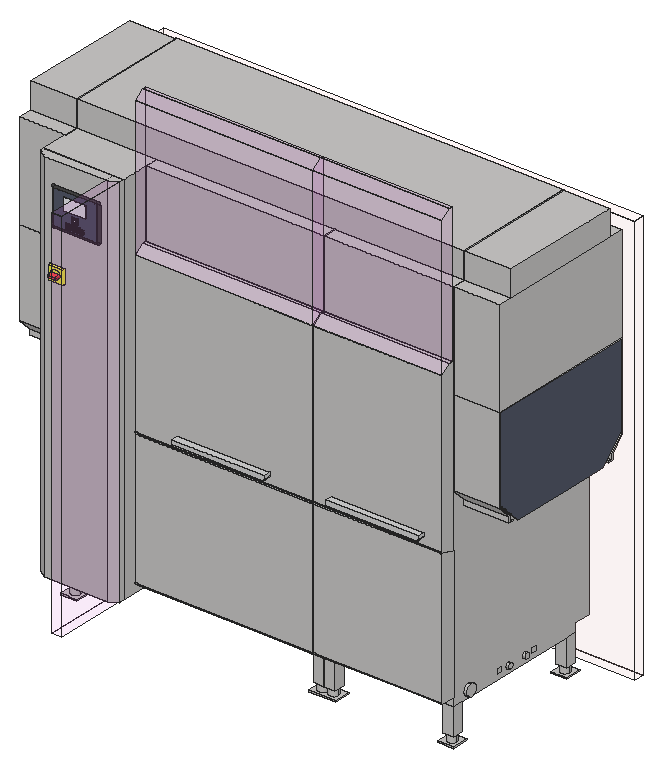
Revit family "QF_ELECTROLUX PROFESSIONAL_CC0FW2_CC0FW2", category Attrezzature speciali, Revit 2020
Family settings
  Quota connettore circolare = Usa diametro
  Tipo di parte = Normale
  Basato su piano di lavoro = No
  Sempre verticale = Sì
  Taglio con vuoti quando caricato = No
  Condiviso = No
  Punto di calcolo locali = No
Parameters
  Weight = 0.00 kg
  URL Manufacturer = "http://professional.electrolux.com/"
  URL = "http://professional.electrolux.com/"
  Show Logo [instance] = yes
  Show Clearance [instance] = yes
  Prospetto di default = 0 mm
  Produttore = "Zanussi"
  Modello = "ZPPWSLG"
  Length Actual = 2080 mm
  Item Number = "506057"
  Height Actual = 1785 mm
  Descrizione = "STEAM ELEC.POT&PAN WASH+D.PUMP+DET1550MM"
  Depth Actual = 920 mm
  Accessory = yes
Reference planes
  plane 1: z = 0
  plane 2 "LEFT": x = -776
  plane 3 "BACK": y = 450
  plane 4: z = 2095
  plane 5: z = 1785
  plane 6: through (0, 318, 353) normal (0, 0.7071, -0.7071)
  plane 7: through (0, 318, 373) normal (0, -0.7071, -0.7071)
  plane 8: y = 315
  plane 9: y = -215
  plane 10: z = 187
  plane 11: y = -736
  plane 12: x = -3527.768
  plane 13 "Center (Front/Back)": y = 50
  plane 14: through (-356, 405, 4000) normal (-0.7071, -0.7071, 0)
  plane 15: through (-376, 405, 4000) normal (-0.7071, 0.7071, 0)
  plane 16: x = 1261
  plane 17 "2": x = 1304
  plane 18: through (429, 405, 4000) normal (-0.7071, -0.7071, 0)
  plane 19: through (409, 405, 4000) normal (-0.7071, 0.7071, 0)
  plane 20: through (834, 405, 4000) normal (-0.7071, -0.7071, 0)
  plane 21: through (814, 405, 4000) normal (-0.7071, 0.7071, 0)
Forms (mm)
  Extrusion 1, solid, material "QF_Finishes_Clearance", visible <- "Show Clearance"
    sketch origin (0, 0, 0) x (1, 0, 0) y (0, 1, 0)
      loop
        line (-776, 450) -> (1304, 450) -> (1304, 500) -> (-776, 500) -> (-776, 450)
    from 0 to 1785
  Extrusion 2, solid, material "QF_Finishes_Stainless Steel"
    sketch origin (-581.385, -672.464, 1289.159) x (0, 0, -1) y (0, 1, 0)
      loop
        circle (1102.159, 772.464) r 10
    from -9.383 to 5.617
  Extrusion 3, solid, material "QF_Finishes_Stainless Steel"
    sketch origin (-575.768, -23.023, -230.596) x (0, 0, 1) y (0, 1, 0)
      loop
        line (407.596, 163.023) -> (427.596, 163.023) -> (427.596, 183.023) -> (407.596, 183.023) -> (407.596, 163.023)
    from 0 to 2
  Extrusion 4, solid, material "QF_Finishes_Stainless Steel"
    sketch origin (-783.596, 241.977, 1785) x (0, -1, 0) y (1, 0, 0)
      loop
        line (-163.023, 407.596) -> (-163.023, 427.596) -> (-183.023, 427.596) -> (-183.023, 407.596) -> (-163.023, 407.596)
    from 0 to 2
  Extrusion 5, solid, material "QF_Finishes_Door Clearance", visible <- "Show Clearance"
    sketch origin (-360, 0, 0) x (1, 0, 0) y (0, 1, 0)
      loop
        line (129, -402.09) -> (86, -402.09) -> (86, -736) -> (129, -736) -> (129, -402.09)
    from 150 to 1785
  Extrusion 6, solid, material "QF_Finishes_Door Clearance", visible <- "Show Clearance"
    sketch origin (94, 66.742, 602) x (0, 1, 0) y (0, 0, 1)
      loop
        line (-351.742, 1493) -> (-368.817, 1493) -> (-408.742, 1463.413) -> (-408.742, 861.413) -> (-368.817, 891) -> (-351.742, 891) -> (-351.742, 1493)
    from -320 to 450
  Extrusion 7, solid, material "QF_Finishes_Door Clearance", visible <- "Show Clearance"
    sketch origin (864, 66.742, 602) x (0, 1, 0) y (0, 0, 1)
      loop
        line (-351.742, 1493) -> (-368.817, 1493) -> (-408.742, 1463.413) -> (-408.742, 861.413) -> (-368.817, 891) -> (-351.742, 891) -> (-351.742, 1493)
    from -320 to 240
  Extrusion 8, solid, material "QF_Finishes_Stainless Steel"
    sketch origin (0, 0, 0) x (1, 0, 0) y (0, 1, 0)
      loop
        line (-576, 315) -> (-576, -222.998) -> (1104, -222.998) -> (1104, 315) -> (-576, 315)
    from 1785 to 1897
  Extrusion 9, solid, material "QF_Finishes_Stainless Steel"
    sketch origin (1.404, 241.977, 186) x (0, -1, 0) y (1, 0, 0)
      loop
        line (-163.023, 407.596) -> (-163.023, 427.596) -> (-183.023, 427.596) -> (-183.023, 407.596) -> (-163.023, 407.596)
    from 0 to 2
  Extrusion 10, solid, material "QF_Finishes_Stainless Steel"
    sketch origin (406.404, 241.977, 186) x (0, -1, 0) y (1, 0, 0)
      loop
        line (-163.023, 407.596) -> (-163.023, 427.596) -> (-183.023, 427.596) -> (-183.023, 407.596) -> (-163.023, 407.596)
    from 0 to 2
  Extrusion 11, solid, material "QF_Finishes_Stainless Steel"
    sketch origin (1106, 249.977, 940.404) x (0, 0, 1) y (0, 1, 0)
      loop
        line (407.596, 163.023) -> (427.596, 163.023) -> (427.596, 183.023) -> (407.596, 183.023) -> (407.596, 163.023)
    from 0 to 2
  Extrusion 12, solid, material "QF_Finishes_Stainless Steel"
    sketch origin (1106, 249.977, 905.404) x (0, 0, 1) y (0, 1, 0)
      loop
        line (407.596, 163.023) -> (427.596, 163.023) -> (427.596, 183.023) -> (407.596, 183.023) -> (407.596, 163.023)
    from 0 to 2
  Extrusion 13, solid, material "QF_Finishes_Stainless Steel"
    sketch origin (-578, 249.977, 940.404) x (0, 0, 1) y (0, -1, 0)
      loop
        line (407.596, -163.023) -> (407.596, -183.023) -> (427.596, -183.023) -> (427.596, -163.023) -> (407.596, -163.023)
    from 0 to 2
  Extrusion 14, solid, material "QF_Finishes_Stainless Steel"
    sketch origin (-578, 249.977, 905.404) x (0, 0, 1) y (0, -1, 0)
      loop
        line (407.596, -163.023) -> (407.596, -183.023) -> (427.596, -183.023) -> (427.596, -163.023) -> (407.596, -163.023)
    from 0 to 2
  Extrusion 15, solid, material "QF_Finishes_Stainless Steel"
    sketch origin (-575.768, -208.023, -230.596) x (0, 0, 1) y (0, 1, 0)
      loop
        line (407.596, 163.023) -> (427.596, 163.023) -> (427.596, 183.023) -> (407.596, 183.023) -> (407.596, 163.023)
    from 0 to 2
  Extrusion 16, solid, material "QF_Finishes_Stainless Steel"
    sketch origin (672.023, 452, -185.596) x (0, 0, 1) y (-1, 0, 0)
      loop
        line (407.596, 163.023) -> (427.596, 163.023) -> (427.596, 183.023) -> (407.596, 183.023) -> (407.596, 163.023)
    from 0 to 2
  Extrusion 17, solid, material "QF_Finishes_Stainless Steel"
    sketch origin (1106, -23.023, 604.596) x (0, 0, -1) y (0, -1, 0)
      loop
        line (407.596, -163.023) -> (407.596, -183.023) -> (427.596, -183.023) -> (427.596, -163.023) -> (407.596, -163.023)
    from 0 to 2
  Extrusion 18, solid, material "QF_Finishes_Stainless Steel"
    sketch origin (1106, -208.023, 604.596) x (0, 0, -1) y (0, -1, 0)
      loop
        line (407.596, -163.023) -> (407.596, -183.023) -> (427.596, -183.023) -> (427.596, -163.023) -> (407.596, -163.023)
    from 0 to 2
  Extrusion 19, solid, material "QF_Finishes_Stainless Steel"
    sketch origin (-581.385, -762.464, 1289.159) x (0, 0, -1) y (0, 1, 0)
      loop
        circle (1102.159, 772.464) r 10
    from -9.383 to 5.617
  Extrusion 20, solid, material "QF_Finishes_Stainless Steel"
    sketch origin (1109.617, -672.464, 1289.159) x (0, 0, -1) y (0, -1, 0)
      loop
        circle (1102.159, -772.464) r 10
    from -9.383 to 5.617
  Extrusion 21, solid, material "QF_Finishes_Stainless Steel"
    sketch origin (1109.617, -762.464, 1289.159) x (0, 0, -1) y (0, -1, 0)
      loop
        circle (1102.159, -772.464) r 10
    from -9.383 to 5.617
  Extrusion 22, solid, material "QF_Finishes_Stainless Steel"
    sketch origin (1109.617, 569.464, -915.159) x (0, 0, 1) y (0, 1, 0)
      loop
        circle (1102.159, -772.464) r 25
    from -9.383 to 5.617
Dimensions and locks
  plane 4 to level = 2095 mm
  plane 4 to Extrusion 1 = 2095 mm
  plane 3 "BACK" to plane 11 = 1186 mm
  plane 17 "2" to plane 2 "LEFT" = 2080 mm
  plane 2 "LEFT" to plane 17 "2" = 2080 mm
  nested 7 to nested 1 = 1679.767 mm
  nested 8 to nested 8 = 200 mm
  nested 7 to nested 9 = 200 mm
  Extrusion 8 to nested 1 = 1747 mm
  Extrusion 8 to Extrusion 8 = 112 mm
  aligned and locked: level to plane 1
Nested families
  nested 1: "MODULO_CENTRALE - 345" at (-634.438, 799.242, 0), type "MODULO_CENTRALE - 345"
    with Show Right yes, Show Logo yes, Show Left no, Show Clearance yes
  nested 2: "Schermo_Touch" at (-401.211, -444.999, 1606.921) x (1, 0, 0) z (0, -1, 0), type "Schermo_Touch"
  nested 3: "ELX_LOGO_MONO_SMALL_WHITE" at (-411.419, -449.999, 1533.987) x (-1, 0, 0) z (0, -1, 0), visible <- "Show Logo", Show Logo <- "Show Logo", type "ELX_LOGO_MONO_SMALL_WHITE"
    with Show Logo yes
  nested 4: "ELX_LOGO_WORDS_WHITE" at (-401.499, -449.999, 1553.42) x (1, 0, 0) z (0, -1, 0), visible <- "Show Logo", Show Logo <- "Show Logo", type "ELX_LOGO_WORDS_WHITE"
    with Show Logo yes
  nested 5: "ON_OFF_GIALLO" at (-484, -444.999, 1348) x (1, 0, 0) z (0, -1, 0), type "ON_OFF_GIALLO"
  nested 6: "MODULO_GRANDE - 775" at (154.562, 61.742, 0), type "MODULO_GRANDE - 775"
    with Show Logo yes, Show Clearance yes
  nested 7: "MODULO_GRANDE - 560" at (929.562, 61.742, 0), type "MODULO_GRANDE - 560"
    with Show Logo yes, Show Clearance yes
  nested 8: "HOODV" at (-959.563, 34.26, 0) x (-1, 0, 0) z (0, 0, 1), type "HOODV"
  nested 9: "HOODV" at (1487.563, 34.26, 0), type "HOODV"
  nested 10: "Piedino_Square_150H - MARINE" at (1080.5, -258.5, 0), type "Piedino_Square_150H - MARINE"
  nested 11: "Piedino_Square_150H - MARINE" at (1080.5, 354.5, 0), type "Piedino_Square_150H - MARINE"
  nested 12: "Piedino_Square_150H - MARINE" at (-552.268, -258.5, 0), type "Piedino_Square_150H - MARINE"
  nested 13: "Piedino_Square_150H - MARINE" at (-552.268, 354.5, 0), type "Piedino_Square_150H - MARINE"
  nested 14: "Piedino_Square_150H - MARINE - DOPPIO" at (567.5, -258.5, 0), type "Piedino_Square_150H - MARINE - DOPPIO"
  nested 15: "Piedino_Square_150H - MARINE - DOPPIO" at (567.5, 354.5, 0), type "Piedino_Square_150H - MARINE - DOPPIO"
Connectors
  piping at (-590.768, 100, 187), diameter 12.9
    settings: on Extrusion 2, index 187, connector inside diameter 609.6 mm, connector length 0 mm, flow factor 0, pipe flow 0.0 L/s, pressure drop 0.0 Pa, fitting loss kfactor 0, connector angle 0.00°, fixture units 0, engagement length 0 mm, angle of deflection 0.00°, flow configuration 0, flow direction 0, fitting loss method 0, system type 29, joint type 0, gender type 0, connector reference index -1, connector utility 0, adjustable connector no, is connector primary yes, connector description "HWI"
  electrical at (-575.768, 150, 187)
    settings: on Extrusion 3, index 188, voltage 0 V, apparent load 0 VA, apparent load phase1 0 VA, apparent load phase2 0 VA, apparent load phase3 0 VA, power factor 1, load classification "Altro", number of poles 1, system type 30, power factor state 1, is connector primary yes, connector utility no, sub classification motor no, connector description "ES"
  electrical at (-366, 415, 1785)
    settings: on Extrusion 4, index 189, voltage 0 V, apparent load 0 VA, apparent load phase1 0 VA, apparent load phase2 0 VA, apparent load phase3 0 VA, power factor 1, load classification "Altro", number of poles 1, system type 30, power factor state 1, is connector primary no, connector utility no, sub classification motor no, connector description "EI"
  electrical at (419, 415, 186)
    settings: on Extrusion 9, index 198, voltage 0 V, apparent load 0 VA, apparent load phase1 0 VA, apparent load phase2 0 VA, apparent load phase3 0 VA, power factor 1, load classification "Altro", number of poles 1, system type 30, power factor state 1, is connector primary no, connector utility no, sub classification motor no, connector description "EI"
  electrical at (824, 415, 186)
    settings: on Extrusion 10, index 199, voltage 0 V, apparent load 0 VA, apparent load phase1 0 VA, apparent load phase2 0 VA, apparent load phase3 0 VA, power factor 1, load classification "Altro", number of poles 1, system type 30, power factor state 1, is connector primary no, connector utility no, sub classification motor no, connector description "EI"
  electrical at (1106, 423, 1358)
    settings: on Extrusion 11, index 200, voltage 0 V, apparent load 0 VA, apparent load phase1 0 VA, apparent load phase2 0 VA, apparent load phase3 0 VA, power factor 1, load classification "Altro", number of poles 1, system type 30, power factor state 1, is connector primary no, connector utility no, sub classification motor no, connector description "EO"
  electrical at (1106, 423, 1323)
    settings: on Extrusion 12, index 201, voltage 0 V, apparent load 0 VA, apparent load phase1 0 VA, apparent load phase2 0 VA, apparent load phase3 0 VA, power factor 1, load classification "Altro", number of poles 1, system type 30, power factor state 1, is connector primary no, connector utility no, sub classification motor no, connector description "ES"
  electrical at (-578, 423, 1358)
    settings: on Extrusion 13, index 202, voltage 0 V, apparent load 0 VA, apparent load phase1 0 VA, apparent load phase2 0 VA, apparent load phase3 0 VA, power factor 1, load classification "Altro", number of poles 1, system type 30, power factor state 1, is connector primary no, connector utility no, sub classification motor no, connector description "EO"
  electrical at (-578, 423, 1323)
    settings: on Extrusion 14, index 203, voltage 0 V, apparent load 0 VA, apparent load phase1 0 VA, apparent load phase2 0 VA, apparent load phase3 0 VA, power factor 1, load classification "Altro", number of poles 1, system type 30, power factor state 1, is connector primary no, connector utility no, sub classification motor no, connector description "ES"
  electrical at (-575.768, -35, 187)
    settings: on Extrusion 15, index 204, voltage 0 V, apparent load 0 VA, apparent load phase1 0 VA, apparent load phase2 0 VA, apparent load phase3 0 VA, power factor 1, load classification "Altro", number of poles 1, system type 30, power factor state 1, is connector primary no, connector utility no, sub classification motor no, connector description "EO"
  electrical at (499, 452, 232)
    settings: on Extrusion 16, index 206, voltage 0 V, apparent load 0 VA, apparent load phase1 0 VA, apparent load phase2 0 VA, apparent load phase3 0 VA, power factor 1, load classification "Altro", number of poles 1, system type 30, power factor state 1, is connector primary no, connector utility no, sub classification motor no, connector description "EQ"
  electrical at (1106, 150, 187)
    settings: on Extrusion 17, index 209, voltage 0 V, apparent load 0 VA, apparent load phase1 0 VA, apparent load phase2 0 VA, apparent load phase3 0 VA, power factor 1, load classification "Altro", number of poles 1, system type 30, power factor state 1, is connector primary no, connector utility no, sub classification motor no, connector description "ES"
  electrical at (1106, -35, 187)
    settings: on Extrusion 18, index 210, voltage 0 V, apparent load 0 VA, apparent load phase1 0 VA, apparent load phase2 0 VA, apparent load phase3 0 VA, power factor 1, load classification "Altro", number of poles 1, system type 30, power factor state 1, is connector primary no, connector utility no, sub classification motor no, connector description "EO"
  piping at (-590.768, 10, 187), diameter 12.9
    settings: on Extrusion 19, index 211, connector inside diameter 609.6 mm, connector length 0 mm, flow factor 0, pipe flow 0.0 L/s, pressure drop 0.0 Pa, fitting loss kfactor 0, connector angle 0.00°, fixture units 0, engagement length 0 mm, angle of deflection 0.00°, flow configuration 0, flow direction 0, fitting loss method 0, system type 29, joint type 0, gender type 0, connector reference index -1, connector utility 0, adjustable connector no, is connector primary no, connector description "CWI"
  piping at (1119, 100, 187), diameter 12.9
    settings: on Extrusion 20, index 214, connector inside diameter 609.6 mm, connector length 0 mm, flow factor 0, pipe flow 0.0 L/s, pressure drop 0.0 Pa, fitting loss kfactor 0, connector angle 0.00°, fixture units 0, engagement length 0 mm, angle of deflection 0.00°, flow configuration 0, flow direction 0, fitting loss method 0, system type 29, joint type 0, gender type 0, connector reference index -1, connector utility 0, adjustable connector no, is connector primary no, connector description "WOC"
  piping at (1119, 10, 187), diameter 12.9
    settings: on Extrusion 21, index 215, connector inside diameter 609.6 mm, connector length 0 mm, flow factor 0, pipe flow 0.0 L/s, pressure drop 0.0 Pa, fitting loss kfactor 0, connector angle 0.00°, fixture units 0, engagement length 0 mm, angle of deflection 0.00°, flow configuration 0, flow direction 0, fitting loss method 0, system type 29, joint type 0, gender type 0, connector reference index -1, connector utility 0, adjustable connector no, is connector primary no, connector description "WIC"
  piping at (1119, -203, 187), diameter 50
    settings: on Extrusion 22, index 220, connector inside diameter 609.6 mm, connector length 0 mm, flow factor 0, pipe flow 0.0 L/s, pressure drop 0.0 Pa, fitting loss kfactor 0, connector angle 0.00°, fixture units 0, engagement length 0 mm, angle of deflection 0.00°, flow configuration 0, flow direction 0, fitting loss method 0, system type 29, joint type 0, gender type 0, connector reference index -1, connector utility 0, adjustable connector no, is connector primary no, connector description "D"
Definition of nested family "MODULO_CENTRALE - 345"
  Parameters (values of type "MODULO_CENTRALE - 345")
    Show Right [instance] = not(Show Left)  # yes
    Show Logo [instance] = yes
    Show Left [instance] = no
    Show Clearance [instance] = yes
    Default Elevation = 0 mm
  Reference planes
    plane 1: z = 0
    plane 2 "LEFT": x = 58.67
    plane 3 "BACK": y = -349.242
    plane 4: z = 150
    plane 5: x = 403.437
    plane 6: y = -1244.241
  Forms (mm)
    Extrusion 1, solid
      sketch origin (-163.616, -620, 0) x (1, 0, 0) y (0, 1, 0)
        loop
          line (222.287, 270.758) -> (222.287, -581.332) -> (567.054, -581.332) -> (567.054, 270.758) -> (222.287, 270.758)
      from 150 to 1785
    Extrusion 2, solid
      sketch origin (0, -740.199, 0) x (1, 0, 0) y (0, 1, 0)
        loop
          line (95.323, -504.042) -> (371.13, -504.042) -> (371.973, -503.729) -> (402.789, -480.925) -> (403.437, -479.639) -> (403.437, -461.133) -> (58.67, -461.133) -> (58.67, -479.639) -> (59.318, -480.925) -> (95.323, -504.042)
      from 150 to 1785
  Dimensions and locks
    plane 4 to level = 150 mm
    Extrusion 2 to plane 3 "BACK" = 895 mm
    Extrusion 1 to Extrusion 1 = 1635 mm
    plane 5 to plane 2 "LEFT" = 344.767 mm
    aligned and locked: level to plane 1
  Nested families
    nested 1: "ON_OFF_GIALLO" at (139.188, -1244.241, 1304.8) x (1, 0, 0) z (0, -1, 0), visible <- "Show Left", type "ON_OFF_GIALLO"
  Definition of nested family "ON_OFF_GIALLO"
    Parameters
      Default Elevation = 1219.2 mm
    Reference planes
      plane 1 "Centro (Fronte/Retro)": y = 0
      plane 2: z = 0
      plane 3 "Centro (Sinistra/Destra)": x = 0
    Forms (mm)
      Extrusion 1, solid
        sketch origin (0, 0, 0) x (1, 0, 0) y (0, 1, 0)
          loop
            line (-1219.2, 1219.2) -> (-1219.2, -1219.2) -> (1219.2, -1219.2) -> (1219.2, 1219.2) -> (-1219.2, 1219.2)
        from 0 to -304.8
      Blend 2, solid
        base sketch origin (209.903, -1304.8, -0.8) x (-1, 0, 0) y (0, -1, 0)
          loop
            arc (241.024, -1337.8) -> (242.365, -1337.262) -> (242.903, -1335.921) r 1.838
            line (242.903, -1335.921) -> (242.903, -1273.679)
            arc (242.903, -1273.679) -> (242.365, -1272.338) -> (241.024, -1271.8) r 1.838
            line (241.024, -1271.8) -> (178.782, -1271.8)
            arc (178.782, -1271.8) -> (177.441, -1272.338) -> (176.903, -1273.679) r 1.838
            line (176.903, -1273.679) -> (176.903, -1335.921)
            arc (176.903, -1335.921) -> (177.441, -1337.262) -> (178.782, -1337.8) r 1.838
            line (178.782, -1337.8) -> (241.024, -1337.8)
        top sketch origin (209.903, -1304.8, -0.8) x (-1, 0, 0) y (0, -1, 0)
          loop
            line (238.946, -1275.8) -> (180.86, -1275.8) -> (180.86, -1333.8) -> (238.946, -1333.8) -> (238.946, -1275.8)
        from 0.8 to 10.3
      Blend 3, solid
        base sketch origin (209.903, -1304.8, 10.2) x (-1, 0, 0) y (0, -1, 0)
          loop
            arc (224.427, -1310.95) -> (230.577, -1304.8) -> (224.427, -1298.65) r 6.15
            line (224.427, -1298.65) -> (195.379, -1298.65)
            arc (195.379, -1298.65) -> (189.229, -1304.8) -> (195.379, -1310.95) r 6.15
            line (195.379, -1310.95) -> (224.427, -1310.95)
        top sketch origin (209.903, -1304.8, 10.2) x (-1, 0, 0) y (0, -1, 0)
          loop
            arc (195.379, -1300.65) -> (191.229, -1304.8) -> (195.379, -1308.95) r 4.15
            line (195.379, -1308.95) -> (224.427, -1308.95)
            arc (224.427, -1308.95) -> (228.577, -1304.8) -> (224.427, -1300.65) r 4.15
            line (224.427, -1300.65) -> (195.379, -1300.65)
        from -2 to 23
      Extrusion 4, void
        sketch origin (-143.534, -1304.8, -504.042) x (1, 0, 0) y (0, 0, -1)
          loop
            line (117.69, -537.242) -> (135.678, -537.242) -> (132.541, -536.135) -> (117.69, -524.167) -> (117.69, -537.242)
        from 1298.65 to 1310.95
      Extrusion 5, void
        sketch origin (209.903, -1304.8, 9.5) x (0, -1, 0) y (-1, 0, 0)
          loop
            circle (-1304.8, 209.903) r 21
        from 0 to 2
    Cuts and joins
      Extrusion 4 cuts Blend 3
      Extrusion 5 cuts Blend 2
    Dimensions and locks
      aligned and locked: plane 2 to Extrusion 1
      aligned and locked: level to Extrusion 1
Definition of nested family "Schermo_Touch"
  Parameters
    Default Elevation = 1219.2 mm
  Reference planes
    plane 1 "Centro (Fronte/Retro)": y = 0
    plane 2: z = 0
    plane 3 "Centro (Sinistra/Destra)": x = 0
  Forms (mm)
    Extrusion 1, solid
      sketch origin (0, 0, 0) x (1, 0, 0) y (0, 1, 0)
        loop
          line (-1219.2, 1219.2) -> (-1219.2, -1219.2) -> (1219.2, -1219.2) -> (1219.2, 1219.2) -> (-1219.2, 1219.2)
      from 0 to -304.8
    Blend 2, solid
      base sketch origin (83.616, -1536.893, -0.8) x (-1, 0, 0) y (0, -1, 0)
        loop
          arc (188.986, -1463.393) -> (185.448, -1454.853) -> (176.907, -1451.315) r 12.079
          line (176.907, -1451.315) -> (-9.093, -1451.315)
          arc (-9.093, -1451.315) -> (-17.633, -1454.853) -> (-21.171, -1463.393) r 12.079
          line (-21.171, -1463.393) -> (-21.171, -1610.393)
          arc (-21.171, -1610.393) -> (-17.633, -1618.934) -> (-9.093, -1622.472) r 12.079
          line (-9.093, -1622.472) -> (176.907, -1622.472)
          arc (176.907, -1622.472) -> (185.448, -1618.934) -> (188.986, -1610.393) r 12.079
          line (188.986, -1610.393) -> (188.986, -1463.393)
      top sketch origin (83.616, -1536.893, -0.8) x (-1, 0, 0) y (0, -1, 0)
        loop
          arc (178.486, -1463.393) -> (178.024, -1462.277) -> (176.907, -1461.815) r 1.579
          line (176.907, -1461.815) -> (-9.093, -1461.815)
          arc (-9.093, -1461.815) -> (-10.209, -1462.277) -> (-10.671, -1463.393) r 1.579
          line (-10.671, -1463.393) -> (-10.671, -1610.393)
          arc (-10.671, -1610.393) -> (-10.209, -1611.51) -> (-9.093, -1611.972) r 1.579
          line (-9.093, -1611.972) -> (176.907, -1611.972)
          arc (176.907, -1611.972) -> (178.024, -1611.51) -> (178.486, -1610.393) r 1.579
          line (178.486, -1610.393) -> (178.486, -1463.393)
      from 0.8 to 5.36
    Extrusion 3, solid
      sketch origin (0, 0, 0) x (1, 0, 0) y (0, 1, 0)
        loop
          line (-47.806, 54.623) -> (-47.806, 2.273) -> (47.108, 2.273) -> (47.108, 54.623) -> (-47.806, 54.623)
      from 5 to 5.552
    Extrusion 4, solid
      sketch origin (0, 0, 0) x (1, 0, 0) y (0, 1, 0)
        loop
          arc (-94.87, -73.579) -> (-94.43, -74.639) -> (-93.37, -75.079) r 1.5
          line (-93.37, -75.079) -> (92.793, -75.079)
          arc (92.793, -75.079) -> (93.853, -74.639) -> (94.293, -73.579) r 1.5
          line (94.293, -73.579) -> (94.293, 73.579)
          arc (94.293, 73.579) -> (93.853, 74.639) -> (92.793, 75.079) r 1.5
          line (92.793, 75.079) -> (-93.37, 75.079)
          arc (-93.37, 75.079) -> (-94.43, 74.639) -> (-94.87, 73.579) r 1.5
          line (-94.87, 73.579) -> (-94.87, -73.579)
      from 4.56 to 5
  Dimensions and locks
    aligned and locked: plane 2 to Extrusion 1
    aligned and locked: level to Extrusion 1
Definition of nested family "ELX_LOGO_MONO_SMALL_WHITE"
  Parameters (values of type "ELX_LOGO_MONO_SMALL_WHITE")
    Show Logo [instance] = yes
    Default Elevation = 1219.2 mm
  Reference planes
    plane 1 "Center (Front/Back)": y = -49
    plane 2: z = 0
    plane 3 "Center (Left/Right)": x = -9.92
  Forms (mm)
    Extrusion 1, solid
      sketch origin (0, 0, 0) x (1, 0, 0) y (0, 1, 0)
        loop
          line (-1219.2, 1219.2) -> (-1219.2, -1219.2) -> (1219.2, -1219.2) -> (1219.2, 1219.2) -> (-1219.2, 1219.2)
      from 0 to -304.8
    Extrusion 2, solid, visible <- "Show Logo"
      sketch origin (84.462, 509.781, 0) x (1, 0, 0) y (0, 1, 0)
        loop
          line (-97.736, -569.727) -> (-97.736, -547.891)
          arc (-97.736, -547.891) -> (-105.808, -558.809) -> (-97.736, -569.727) r 11.42
        loop
          arc (-96.625, -569.727) -> (-87.544, -567.663) -> (-83.169, -559.442) r 11.191
          line (-83.169, -559.442) -> (-86.782, -559.442)
          arc (-86.782, -559.442) -> (-93.235, -562.062) -> (-96.625, -568.146) r 10.49
          line (-96.625, -568.146) -> (-96.625, -569.727)
        loop
          arc (-96.625, -549.472) -> (-93.235, -555.557) -> (-86.782, -558.176) r 10.49
          line (-86.782, -558.176) -> (-83.169, -558.176)
          arc (-83.169, -558.176) -> (-87.537, -549.888) -> (-96.625, -547.611) r 11.484
          line (-96.625, -547.611) -> (-96.625, -549.472)
        loop
          line (-82.34, -570.919) -> (-82.34, -546.65) -> (-106.642, -546.65) -> (-106.642, -570.919) -> (-82.34, -570.919)
      from 0 to 1.644
  Dimensions and locks
    aligned and locked: plane 2 to Extrusion 1
    aligned and locked: level to Extrusion 1
Definition of nested family "ELX_LOGO_WORDS_WHITE"
  Parameters (values of type "ELX_LOGO_WORDS_WHITE")
    Show Logo [instance] = yes
    Default Elevation = 0 mm
  Reference planes
    plane 1 "Centro (Fronte/Retro)": y = 0
    plane 2: z = 0
    plane 3 "Centro (Sinistra/Destra)": x = 0
  Forms (mm)
    Extrusion 1, solid
      sketch origin (0, 0, 0) x (1, 0, 0) y (0, 1, 0)
        loop
          line (-1219.2, 1219.2) -> (-1219.2, -1219.2) -> (1219.2, -1219.2) -> (1219.2, 1219.2) -> (-1219.2, 1219.2)
      from 0 to -304.8
    Extrusion 2, solid, visible <- "Show Logo"
      sketch origin (0, 0, 0) x (1, 0, 0) y (0, 1, 0)
        loop
          line (-30.234, 10.561) -> (-37.67, 10.561) -> (-37.67, 1.902)
          arc (-37.67, 1.902) -> (-36.691, -0.461) -> (-34.329, -1.439) r 3.341
          line (-34.329, -1.439) -> (-30.09, -1.439) -> (-30.09, 0.503) -> (-33.845, 0.503)
          arc (-33.845, 0.503) -> (-35.079, 0.92) -> (-35.604, 2.112) r 1.615
          line (-35.604, 2.112) -> (-35.604, 3.829) -> (-30.555, 3.829) -> (-30.555, 5.779) -> (-35.604, 5.779) -> (-35.604, 8.617) -> (-30.234, 8.617) -> (-30.234, 10.561)
        loop
          line (-28.622, 10.561) -> (-28.622, -1.439) -> (-26.555, -1.439) -> (-26.555, 10.561) -> (-28.622, 10.561)
        loop
          line (16.27, 10.561) -> (16.27, -1.439) -> (18.338, -1.439) -> (18.338, 10.561) -> (16.27, 10.561)
        loop
          line (-23.137, 2.393) -> (-16.354, 2.393)
          arc (-16.354, 2.393) -> (-17.415, 6.119) -> (-21.043, 7.478) r 4.298
          arc (-21.043, 7.478) -> (-24.239, 5.857) -> (-25.151, 2.393) r 4.373
          arc (-25.151, 2.393) -> (-23.951, -0.505) -> (-21.053, -1.705) r 4.097
          arc (-21.053, -1.705) -> (-18.799, -1.372) -> (-16.908, -0.099) r 5.15
          line (-16.908, -0.099) -> (-18.133, 1.125)
          arc (-18.133, 1.125) -> (-19.74, 0.161) -> (-21.607, 0.323) r 3.039
          arc (-21.607, 0.323) -> (-22.746, 1.081) -> (-23.137, 2.393) r 2.013
        loop
          line (-23.085, 3.846) -> (-18.431, 3.846)
          arc (-18.431, 3.846) -> (-19.084, 5.22) -> (-20.519, 5.727) r 1.983
          arc (-20.519, 5.727) -> (-22.175, 5.295) -> (-23.085, 3.846) r 2.321
        loop
          line (-8.297, 4.711) -> (-6.999, 6.009)
          arc (-6.999, 6.009) -> (-8.627, 7.187) -> (-10.604, 7.539) r 4.497
          arc (-10.604, 7.539) -> (-13.621, 6.437) -> (-15.204, 3.642) r 4.652
          arc (-15.204, 3.642) -> (-12.536, -1.257) -> (-7.072, -0.127) r 4.684
          line (-7.072, -0.127) -> (-8.363, 1.163)
          arc (-8.363, 1.163) -> (-11.149, 0.242) -> (-13.145, 2.393) r 2.714
          arc (-13.145, 2.393) -> (-13.006, 4.094) -> (-11.835, 5.335) r 2.578
          arc (-11.835, 5.335) -> (-9.96, 5.621) -> (-8.297, 4.711) r 2.961
        loop
          line (-5.73, 10.561) -> (-5.73, 2.36)
          arc (-5.73, 2.36) -> (-5.551, 1.13) -> (-5.09, -0.025) r 5.301
          arc (-5.09, -0.025) -> (-3.615, -1.198) -> (-1.746, -1.445) r 3.531
          line (-1.746, -1.445) -> (-1.746, 0.492)
          arc (-1.746, 0.492) -> (-2.302, 0.534) -> (-2.82, 0.74) r 1.862
          arc (-2.82, 0.74) -> (-3.484, 1.442) -> (-3.662, 2.393) r 1.713
          line (-3.662, 2.393) -> (-3.662, 5.362) -> (-1.785, 5.362) -> (-1.785, 7.24) -> (-3.662, 7.24) -> (-3.662, 10.561) -> (-5.73, 10.561)
        loop
          arc (2.004, 3.123) -> (2.152, 3.988) -> (2.578, 4.755) r 2.607
          arc (2.578, 4.755) -> (3.817, 5.391) -> (5.208, 5.362) r 2.84
          line (5.208, 5.362) -> (5.208, 7.349)
          arc (5.208, 7.349) -> (3.39, 7.177) -> (2.004, 5.989) r 3.016
          line (2.004, 5.989) -> (2.004, 7.24) -> (-0.046, 7.24) -> (-0.046, -1.439) -> (2.004, -1.439) -> (2.004, 3.123)
        loop
          circle (10.262, 2.899) r 4.599
        loop
          circle (10.262, 2.899) r 2.787
        loop
          arc (25.793, 2.175) -> (25.283, 0.772) -> (23.898, 0.213) r 1.835
          arc (23.898, 0.213) -> (22.514, 0.772) -> (22.004, 2.175) r 1.835
          line (22.004, 2.175) -> (22.004, 7.24) -> (19.919, 7.24) -> (19.919, 2.003)
          arc (19.919, 2.003) -> (21.105, -0.701) -> (23.898, -1.659) r 3.675
          arc (23.898, -1.659) -> (26.723, -0.672) -> (27.877, 2.088) r 3.675
          line (27.877, 2.088) -> (27.877, 7.24) -> (25.793, 7.24) -> (25.793, 2.175)
        loop
          line (29.126, 7.24) -> (32.128, 3.164) -> (28.83, -1.442) -> (31.052, -1.442) -> (33.241, 1.615) -> (35.462, -1.442) -> (37.67, -1.442) -> (34.419, 3.211) -> (37.392, 7.24) -> (35.135, 7.24) -> (33.234, 4.663) -> (31.362, 7.24) -> (29.126, 7.24)
        loop
          line (-35.875, -6.414) -> (-37.523, -6.414) -> (-37.523, -10.564) -> (-36.621, -10.564) -> (-36.621, -9.135) -> (-35.625, -9.135)
          arc (-35.625, -9.135) -> (-34.509, -7.66) -> (-35.875, -6.414) r 1.372
        loop
          arc (-35.664, -8.32) -> (-35.322, -7.786) -> (-35.664, -7.253) r 0.587
          line (-35.664, -7.253) -> (-36.621, -7.253) -> (-36.621, -8.32) -> (-35.664, -8.32)
        loop
          line (-29.363, -6.414) -> (-31.04, -6.414) -> (-31.04, -10.564) -> (-30.138, -10.564) -> (-30.138, -9.135) -> (-29.265, -9.135) -> (-28.669, -10.564) -> (-27.7, -10.564) -> (-28.516, -8.814)
          arc (-28.516, -8.814) -> (-28.125, -8.347) -> (-27.994, -7.752) r 1.281
          arc (-27.994, -7.752) -> (-28.406, -6.804) -> (-29.363, -6.414) r 1.37
        loop
          line (-30.138, -7.253) -> (-30.138, -8.32) -> (-29.18, -8.32)
          arc (-29.18, -8.32) -> (-28.839, -7.786) -> (-29.18, -7.253) r 0.587
          line (-29.18, -7.253) -> (-30.138, -7.253)
        loop
          circle (-22.402, -8.489) r 2.156
        loop
          circle (-22.402, -8.489) r 1.368
        loop
          line (-16.703, -6.414) -> (-16.703, -10.564) -> (-15.823, -10.564) -> (-15.823, -9.114) -> (-14.261, -9.114) -> (-14.261, -8.184) -> (-15.823, -8.184) -> (-15.823, -7.308) -> (-14.111, -7.308) -> (-14.111, -6.414) -> (-16.703, -6.414)
        loop
          line (-10.611, -6.414) -> (-10.611, -9.216)
          arc (-10.611, -9.216) -> (-10.229, -10.166) -> (-9.284, -10.561) r 1.327
          line (-9.284, -10.561) -> (-7.945, -10.561) -> (-7.945, -9.777) -> (-9.204, -9.777)
          arc (-9.204, -9.777) -> (-9.668, -9.394) -> (-9.759, -8.799) r 0.845
          line (-9.759, -8.799) -> (-8.1, -8.799) -> (-8.1, -8.015) -> (-9.759, -8.015) -> (-9.759, -7.198) -> (-7.985, -7.198) -> (-7.985, -6.414) -> (-10.611, -6.414)
        loop
          arc (4.417, -6.94) -> (3.867, -6.489) -> (3.171, -6.345) r 1.485
          arc (3.171, -6.345) -> (2.528, -6.503) -> (2, -6.902) r 1.645
          arc (2, -6.902) -> (1.902, -7.844) -> (2.51, -8.571) r 1.217
          arc (2.51, -8.571) -> (3.021, -8.741) -> (3.506, -8.976) r 4.201
          arc (3.506, -8.976) -> (3.812, -9.337) -> (3.601, -9.761) r 0.43
          arc (3.601, -9.761) -> (3.209, -9.853) -> (2.819, -9.754) r 0.846
          arc (2.819, -9.754) -> (2.482, -9.511) -> (2.275, -9.15) r 0.983
          line (2.275, -9.15) -> (1.549, -9.489)
          arc (1.549, -9.489) -> (1.811, -9.993) -> (2.232, -10.374) r 1.595
          arc (2.232, -10.374) -> (2.71, -10.578) -> (3.227, -10.63) r 1.719
          arc (3.227, -10.63) -> (3.867, -10.503) -> (4.442, -10.197) r 2.246
          arc (4.442, -10.197) -> (4.697, -9.52) -> (4.566, -8.81) r 1.349
          arc (4.566, -8.81) -> (4.282, -8.482) -> (3.919, -8.245) r 1.564
          arc (3.919, -8.245) -> (3.46, -8.04) -> (2.99, -7.864) r 8.236
          arc (2.99, -7.864) -> (2.718, -7.441) -> (3.111, -7.128) r 0.375
          arc (3.111, -7.128) -> (3.581, -7.241) -> (3.943, -7.563) r 0.998
          line (3.943, -7.563) -> (4.417, -6.94)
        loop
          line (8.225, -6.414) -> (8.225, -10.561) -> (9.077, -10.561) -> (9.077, -6.414) -> (8.225, -6.414)
        loop
          circle (14.827, -8.488) r 1.29
        loop
          circle (14.827, -8.488) r 2.154
        loop
          line (20.548, -10.561) -> (21.409, -10.561) -> (21.409, -7.954) -> (23.306, -10.561) -> (24.135, -10.561) -> (24.135, -6.414) -> (23.274, -6.414) -> (23.274, -9.101) -> (21.377, -6.414) -> (20.548, -6.414) -> (20.548, -10.561)
        loop
          line (28.435, -10.561) -> (28.839, -9.667) -> (30.373, -9.667) -> (30.777, -10.561) -> (31.693, -10.561) -> (29.942, -6.414) -> (29.142, -6.414) -> (27.519, -10.561) -> (28.435, -10.561)
        loop
          line (29.99, -8.816) -> (29.579, -7.905) -> (29.18, -8.816) -> (29.99, -8.816)
        loop
          line (35.929, -9.777) -> (35.929, -6.414) -> (35.076, -6.414) -> (35.076, -10.561) -> (37.523, -10.561) -> (37.523, -9.777) -> (35.929, -9.777)
        loop
          arc (-1.8, -6.94) -> (-2.35, -6.489) -> (-3.046, -6.345) r 1.485
          arc (-3.046, -6.345) -> (-3.689, -6.503) -> (-4.218, -6.902) r 1.645
          arc (-4.218, -6.902) -> (-4.316, -7.844) -> (-3.708, -8.571) r 1.217
          arc (-3.708, -8.571) -> (-3.197, -8.741) -> (-2.712, -8.976) r 4.201
          arc (-2.712, -8.976) -> (-2.405, -9.337) -> (-2.616, -9.761) r 0.43
          arc (-2.616, -9.761) -> (-3.008, -9.853) -> (-3.399, -9.754) r 0.846
          arc (-3.399, -9.754) -> (-3.736, -9.511) -> (-3.942, -9.15) r 0.983
          line (-3.942, -9.15) -> (-4.668, -9.489)
          arc (-4.668, -9.489) -> (-4.407, -9.993) -> (-3.985, -10.374) r 1.595
          arc (-3.985, -10.374) -> (-3.507, -10.578) -> (-2.99, -10.63) r 1.719
          arc (-2.99, -10.63) -> (-2.351, -10.503) -> (-1.775, -10.197) r 2.246
          arc (-1.775, -10.197) -> (-1.521, -9.52) -> (-1.652, -8.81) r 1.349
          arc (-1.652, -8.81) -> (-1.936, -8.482) -> (-2.298, -8.245) r 1.564
          arc (-2.298, -8.245) -> (-2.757, -8.04) -> (-3.228, -7.864) r 8.236
          arc (-3.228, -7.864) -> (-3.5, -7.441) -> (-3.107, -7.128) r 0.375
          arc (-3.107, -7.128) -> (-2.636, -7.241) -> (-2.274, -7.563) r 0.998
          line (-2.274, -7.563) -> (-1.8, -6.94)
      from 0 to 1.644
  Dimensions and locks
    aligned and locked: plane 2 to Extrusion 1
    aligned and locked: level to Extrusion 1
Definition of nested family "ON_OFF_GIALLO"
  Parameters (values of type "ON_OFF_GIALLO")
    Default Elevation = 1219.2 mm
  Reference planes
    plane 1 "Centro (Fronte/Retro)": y = 0
    plane 2: z = 0
    plane 3 "Centro (Sinistra/Destra)": x = 0
  Forms (mm)
    Extrusion 1, solid
      sketch origin (0, 0, 0) x (1, 0, 0) y (0, 1, 0)
        loop
          line (-1219.2, 1219.2) -> (-1219.2, -1219.2) -> (1219.2, -1219.2) -> (1219.2, 1219.2) -> (-1219.2, 1219.2)
      from 0 to -304.8
    Blend 2, solid
      base sketch origin (209.903, -1304.8, -0.8) x (-1, 0, 0) y (0, -1, 0)
        loop
          arc (241.024, -1337.8) -> (242.365, -1337.262) -> (242.903, -1335.921) r 1.838
          line (242.903, -1335.921) -> (242.903, -1273.679)
          arc (242.903, -1273.679) -> (242.365, -1272.338) -> (241.024, -1271.8) r 1.838
          line (241.024, -1271.8) -> (178.782, -1271.8)
          arc (178.782, -1271.8) -> (177.441, -1272.338) -> (176.903, -1273.679) r 1.838
          line (176.903, -1273.679) -> (176.903, -1335.921)
          arc (176.903, -1335.921) -> (177.441, -1337.262) -> (178.782, -1337.8) r 1.838
          line (178.782, -1337.8) -> (241.024, -1337.8)
      top sketch origin (209.903, -1304.8, -0.8) x (-1, 0, 0) y (0, -1, 0)
        loop
          line (238.946, -1275.8) -> (180.86, -1275.8) -> (180.86, -1333.8) -> (238.946, -1333.8) -> (238.946, -1275.8)
      from 0.8 to 10.3
    Blend 3, solid
      base sketch origin (209.903, -1304.8, 10.2) x (-1, 0, 0) y (0, -1, 0)
        loop
          arc (224.427, -1310.95) -> (230.577, -1304.8) -> (224.427, -1298.65) r 6.15
          line (224.427, -1298.65) -> (195.379, -1298.65)
          arc (195.379, -1298.65) -> (189.229, -1304.8) -> (195.379, -1310.95) r 6.15
          line (195.379, -1310.95) -> (224.427, -1310.95)
      top sketch origin (209.903, -1304.8, 10.2) x (-1, 0, 0) y (0, -1, 0)
        loop
          arc (195.379, -1300.65) -> (191.229, -1304.8) -> (195.379, -1308.95) r 4.15
          line (195.379, -1308.95) -> (224.427, -1308.95)
          arc (224.427, -1308.95) -> (228.577, -1304.8) -> (224.427, -1300.65) r 4.15
          line (224.427, -1300.65) -> (195.379, -1300.65)
      from -2 to 23
    Extrusion 4, void
      sketch origin (-143.534, -1304.8, -504.042) x (1, 0, 0) y (0, 0, -1)
        loop
          line (117.69, -537.242) -> (135.678, -537.242) -> (132.541, -536.135) -> (117.69, -524.167) -> (117.69, -537.242)
      from 1298.65 to 1310.95
    Extrusion 5, void
      sketch origin (209.903, -1304.8, 9.5) x (0, -1, 0) y (-1, 0, 0)
        loop
          circle (-1304.8, 209.903) r 21
      from 0 to 2
  Cuts and joins
    Extrusion 4 cuts Blend 3
    Extrusion 5 cuts Blend 2
  Dimensions and locks
    aligned and locked: plane 2 to Extrusion 1
    aligned and locked: level to Extrusion 1
Definition of nested family "MODULO_GRANDE - 775"
  Parameters (values of type "MODULO_GRANDE - 775")
    URL = "http://professional.electrolux.com"
    Show Logo [instance] = yes
    Default Elevation = 0 mm
    Manufacturer = "Electrolux"
    Model = "ESR10E5"
    Length Actual = 0 mm
    Show Clearance [instance] = yes
    Height Actual = 0 mm
    Description = "SINGLE RINSE RT, 100R/H, ELECTRIC 50HZ"
    Depth Actual = 0 mm
  Reference planes
    plane 1: z = 0
    plane 2 "LEFT": x = -385.563
    plane 3 "RIGHT": x = 389.437
    plane 4 "BACK": y = 388.258
    plane 5 "FEET": z = 150
    plane 6: z = 2095
    plane 7 "TOP": z = 1785
  Forms (mm)
    Extrusion 1, solid
      sketch origin (-727.563, 442.565, 4000) x (0, 1, 0) y (0, 0, 1)
        loop
          line (-54.307, -2507) -> (-786.307, -2507) -> (-786.307, -3850) -> (-126.307, -3850) -> (-126.307, -3812) -> (-54.307, -3812) -> (-54.307, -2507)
      from 1117 to 342
    Extrusion 2, solid
      sketch origin (105, 0, 0) x (1, 0, 0) y (0, 1, 0)
        loop
          line (-490.563, 388.258) -> (-490.563, -343.742) -> (284.437, -343.742) -> (284.437, 388.258) -> (-490.563, 388.258)
      from 1493 to 1785
  Dimensions and locks
    plane 2 "LEFT" to plane 3 "RIGHT" = 775 mm
    plane 5 "FEET" to level = 150 mm
    plane 5 "FEET" to plane 7 "TOP" = 1635 mm
    plane 3 "RIGHT" to plane 2 "LEFT" = 775 mm
    plane 4 "BACK" to Extrusion 2 = 732 mm
    aligned and locked: level to plane 1
  Nested families
    nested 1: "Door_30''_DISHWASHING - 775" at (-457, 5, 0), type "Door_30''_DISHWASHING - 775"
      with Show Clearance yes
  Definition of nested family "Door_30''_DISHWASHING - 775"
    Parameters (values of type "Door_30''_DISHWASHING - 775")
      Show Clearance [instance] = yes
      Default Elevation = 0 mm
    Reference planes
      plane 1: z = 0
      plane 2 "Center Y": x = 458.937
      plane 3 "LEFT": x = 71.437
      plane 4 "RIGHT": x = 846.437
      plane 5 "FRONT": y = -408.742
      plane 6: z = 150
      plane 7: y = -348.742
    Forms (mm)
      Extrusion 1, solid
        sketch origin (884.437, -408.742, 1493) x (0, 0, -1) y (1, 0, 0)
          loop
            line (666, -625.5) -> (681, -625.5)
            arc (681, -625.5) -> (684.536, -624.036) -> (686, -620.5) r 5
            line (686, -620.5) -> (686, -230.5)
            arc (686, -230.5) -> (684.536, -226.964) -> (681, -225.5) r 5
            line (681, -225.5) -> (666, -225.5) -> (666, -625.5)
        from 0 to 30
      Extrusion 2, solid
        sketch origin (458.937, 0, 0) x (0, 1, 0) y (0, 0, 1)
          loop
            line (-348.742, 188) -> (-348.742, 758.131) -> (-405.595, 774.035)
            arc (-405.595, 774.035) -> (-407.764, 773.603) -> (-408.742, 771.62) r 2.5
            line (-408.742, 771.62) -> (-408.742, 190.5)
            arc (-408.742, 190.5) -> (-408.01, 188.732) -> (-406.242, 188) r 2.5
            line (-406.242, 188) -> (-348.742, 188)
        from -387.5 to 387.5
      Extrusion 3, solid
        sketch origin (458.937, 0, 0) x (0, 1, 0) y (0, 0, 1)
          loop
            line (-351.742, 1493) -> (-368.817, 1493) -> (-408.742, 1463.413) -> (-408.742, 778.225)
            arc (-408.742, 778.225) -> (-408.225, 776.703) -> (-406.889, 775.81) r 2.5
            line (-406.889, 775.81) -> (-354.889, 761.206)
            arc (-354.889, 761.206) -> (-352.72, 761.638) -> (-351.742, 763.621) r 2.5
            line (-351.742, 763.621) -> (-351.742, 1493)
        from -387.5 to 387.5
    Lines and regions (mm)
      symbolic lines
        curve 1: line (76.437, -408.742, 1785) -> (76.437, -348.742, 1785)
        curve 2: line (841.437, -408.742, 1785) -> (76.437, -408.742, 1785)
        curve 3: line (841.437, -348.742, 1785) -> (841.437, -408.742, 1785)
        curve 4: line (258.937, -438.742, 1785) -> (258.937, -408.742, 1785)
        curve 5: line (658.937, -438.742, 1785) -> (258.937, -438.742, 1785)
        curve 6: line (658.937, -408.742, 1785) -> (658.937, -438.742, 1785)
    Dimensions and locks
      plane 3 "LEFT" to plane 4 "RIGHT" = 775 mm
      plane 6 to level = 150 mm
      equal spacing: plane 3 "LEFT", plane 2 "Center Y", plane 4 "RIGHT"
      plane 4 "RIGHT" to plane 3 "LEFT" = 775 mm
      aligned and locked: level to plane 1
      aligned and locked: Extrusion 3 to Extrusion 2
    Automatic sketch dimensions
      Extrusion 1 sketch curve to plane 2 "Center Y" = 200 mm
      plane 6 to Extrusion 1 sketch curve = 677 mm
      Extrusion 1 sketch curve to Extrusion 1 sketch curve = 15 mm  (x2)
      Extrusion 1 sketch curve to Extrusion 1 sketch curve = 5 mm
      plane 2 "Center Y" to Extrusion 1 sketch curve = 195 mm
      Extrusion 2 sketch curve to plane 5 "FRONT" = 0 mm
      Extrusion 2 sketch curve to plane 7 = 0 mm
      plane 5 "FRONT" to Extrusion 2 sketch curve = 2.5 mm
      Extrusion 2 sketch curve to Extrusion 2 sketch curve = 2.5 mm
      Extrusion 2 sketch curve to Extrusion 2 sketch curve = 0.647 mm
      plane 6 to Extrusion 2 sketch curve = 38 mm
      Extrusion 2 sketch curve to Extrusion 2 sketch curve = 570.131 mm
      Extrusion 2 sketch curve to Extrusion 2 sketch curve = 13.489 mm
      Extrusion 3 sketch curve to plane 5 "FRONT" = 0 mm
      plane 5 "FRONT" to Extrusion 3 sketch curve = 1.853 mm
      Extrusion 3 sketch curve to Extrusion 3 sketch curve = 0.647 mm  (x2)
      Extrusion 3 sketch curve to plane 7 = 20.076 mm
      Extrusion 3 sketch curve to plane 7 = 6.147 mm
      Extrusion 3 sketch curve to plane 7 = 3 mm
      plane 6 to Extrusion 3 sketch curve = 611.206 mm
      Extrusion 3 sketch curve to Extrusion 3 sketch curve = 14.603 mm
      Extrusion 3 sketch curve to Extrusion 3 sketch curve = 685.188 mm
      Extrusion 3 sketch curve to Extrusion 3 sketch curve = 29.587 mm
      curve 1 to plane 7 = 0 mm
      curve 3 to plane 7 = 0 mm
      curve 2 to plane 5 "FRONT" = 0 mm
      curve 5 to plane 5 "FRONT" = 30 mm
      plane 3 "LEFT" to curve 2 = 5 mm
      curve 5 to plane 2 "Center Y" = 200 mm
      plane 2 "Center Y" to curve 5 = 200 mm
      curve 2 to plane 4 "RIGHT" = 5 mm
Definition of nested family "MODULO_GRANDE - 560"
  Parameters (values of type "MODULO_GRANDE - 560")
    URL = "http://professional.electrolux.com"
    Show Logo [instance] = yes
    Default Elevation = 0 mm
    Manufacturer = "Electrolux"
    Model = "ESR10E5"
    Length Actual = 0 mm
    Show Clearance [instance] = yes
    Height Actual = 0 mm
    Description = "SINGLE RINSE RT, 100R/H, ELECTRIC 50HZ"
    Depth Actual = 0 mm
  Reference planes
    plane 1: z = 0
    plane 2 "LEFT": x = -385.563
    plane 3 "RIGHT": x = 174.437
    plane 4 "BACK": y = 388.258
    plane 5 "FEET": z = 150
    plane 6: z = 2095
    plane 7 "TOP": z = 1785
  Forms (mm)
    Extrusion 1, solid
      sketch origin (-727.563, 442.565, 4000) x (0, 1, 0) y (0, 0, 1)
        loop
          line (-54.307, -2507) -> (-786.307, -2507) -> (-786.307, -3850) -> (-126.307, -3850) -> (-126.307, -3812) -> (-54.307, -3812) -> (-54.307, -2507)
      from 902 to 342
    Extrusion 2, solid
      sketch origin (105, 0, 0) x (1, 0, 0) y (0, 1, 0)
        loop
          line (-490.563, 388.258) -> (-490.563, -343.742) -> (69.437, -343.742) -> (69.437, 388.258) -> (-490.563, 388.258)
      from 1493 to 1785
  Dimensions and locks
    plane 2 "LEFT" to plane 3 "RIGHT" = 560 mm
    plane 5 "FEET" to level = 150 mm
    plane 5 "FEET" to plane 7 "TOP" = 1635 mm
    plane 3 "RIGHT" to plane 2 "LEFT" = 560 mm
    plane 4 "BACK" to Extrusion 2 = 732 mm
    aligned and locked: level to plane 1
  Nested families
    nested 1: "Door_30''_DISHWASHING - 560" at (-457, 5, 0), type "Door_30''_DISHWASHING - 560"
      with Show Clearance yes
  Definition of nested family "Door_30''_DISHWASHING - 560"
    Parameters (values of type "Door_30''_DISHWASHING - 560")
      Show Clearance [instance] = yes
      Default Elevation = 0 mm
    Reference planes
      plane 1: z = 0
      plane 2 "Center Y": x = 351.437
      plane 3 "LEFT": x = 71.437
      plane 4 "RIGHT": x = 631.437
      plane 5 "FRONT": y = -408.742
      plane 6: z = 150
      plane 7: y = -348.742
    Forms (mm)
      Extrusion 1, solid
        sketch origin (884.437, -408.742, 1493) x (0, 0, -1) y (1, 0, 0)
          loop
            line (666, -733) -> (681, -733)
            arc (681, -733) -> (684.536, -731.536) -> (686, -728) r 5
            line (686, -728) -> (686, -338)
            arc (686, -338) -> (684.536, -334.464) -> (681, -333) r 5
            line (681, -333) -> (666, -333) -> (666, -733)
        from 0 to 30
      Extrusion 2, solid
        sketch origin (351.437, 0, 0) x (0, 1, 0) y (0, 0, 1)
          loop
            line (-348.742, 188) -> (-348.742, 758.131) -> (-405.595, 774.035)
            arc (-405.595, 774.035) -> (-407.764, 773.603) -> (-408.742, 771.62) r 2.5
            line (-408.742, 771.62) -> (-408.742, 190.5)
            arc (-408.742, 190.5) -> (-408.01, 188.732) -> (-406.242, 188) r 2.5
            line (-406.242, 188) -> (-348.742, 188)
        from -280 to 280
      Extrusion 3, solid
        sketch origin (351.437, 0, 0) x (0, 1, 0) y (0, 0, 1)
          loop
            line (-351.742, 1493) -> (-368.817, 1493) -> (-408.742, 1463.413) -> (-408.742, 778.225)
            arc (-408.742, 778.225) -> (-408.225, 776.703) -> (-406.889, 775.81) r 2.5
            line (-406.889, 775.81) -> (-354.889, 761.206)
            arc (-354.889, 761.206) -> (-352.72, 761.638) -> (-351.742, 763.621) r 2.5
            line (-351.742, 763.621) -> (-351.742, 1493)
        from -280 to 280
    Lines and regions (mm)
      symbolic lines
        curve 1: line (76.437, -408.742, 1785) -> (76.437, -348.742, 1785)
        curve 2: line (626.437, -408.742, 1785) -> (76.437, -408.742, 1785)
        curve 3: line (626.437, -348.742, 1785) -> (626.437, -408.742, 1785)
        curve 4: line (151.437, -438.742, 1785) -> (151.437, -408.742, 1785)
        curve 5: line (551.437, -438.742, 1785) -> (151.437, -438.742, 1785)
        curve 6: line (551.437, -408.742, 1785) -> (551.437, -438.742, 1785)
    Dimensions and locks
      plane 3 "LEFT" to plane 4 "RIGHT" = 560 mm
      plane 6 to level = 150 mm
      equal spacing: plane 3 "LEFT", plane 2 "Center Y", plane 4 "RIGHT"
      plane 4 "RIGHT" to plane 3 "LEFT" = 560 mm
      aligned and locked: level to plane 1
      aligned and locked: Extrusion 3 to Extrusion 2
    Automatic sketch dimensions
      Extrusion 1 sketch curve to plane 2 "Center Y" = 200 mm
      plane 6 to Extrusion 1 sketch curve = 677 mm
      Extrusion 1 sketch curve to Extrusion 1 sketch curve = 15 mm  (x2)
      Extrusion 1 sketch curve to Extrusion 1 sketch curve = 5 mm
      plane 2 "Center Y" to Extrusion 1 sketch curve = 195 mm
      Extrusion 2 sketch curve to plane 5 "FRONT" = 0 mm
      Extrusion 2 sketch curve to plane 7 = 0 mm
      plane 5 "FRONT" to Extrusion 2 sketch curve = 2.5 mm
      Extrusion 2 sketch curve to Extrusion 2 sketch curve = 2.5 mm
      Extrusion 2 sketch curve to Extrusion 2 sketch curve = 0.647 mm
      plane 6 to Extrusion 2 sketch curve = 38 mm
      Extrusion 2 sketch curve to Extrusion 2 sketch curve = 570.131 mm
      Extrusion 2 sketch curve to Extrusion 2 sketch curve = 13.489 mm
      Extrusion 3 sketch curve to plane 5 "FRONT" = 0 mm
      plane 5 "FRONT" to Extrusion 3 sketch curve = 1.853 mm
      Extrusion 3 sketch curve to Extrusion 3 sketch curve = 0.647 mm  (x2)
      Extrusion 3 sketch curve to plane 7 = 20.076 mm
      Extrusion 3 sketch curve to plane 7 = 6.147 mm
      Extrusion 3 sketch curve to plane 7 = 3 mm
      plane 6 to Extrusion 3 sketch curve = 611.206 mm
      Extrusion 3 sketch curve to Extrusion 3 sketch curve = 14.603 mm
      Extrusion 3 sketch curve to Extrusion 3 sketch curve = 685.188 mm
      Extrusion 3 sketch curve to Extrusion 3 sketch curve = 29.587 mm
      curve 1 to plane 7 = 0 mm
      curve 3 to plane 7 = 0 mm
      curve 2 to plane 5 "FRONT" = 0 mm
      curve 5 to plane 5 "FRONT" = 30 mm
      plane 3 "LEFT" to curve 2 = 5 mm
      curve 5 to plane 2 "Center Y" = 200 mm
      plane 2 "Center Y" to curve 5 = 200 mm
      curve 2 to plane 4 "RIGHT" = 5 mm
Definition of nested family "HOODV"
  Parameters (values of type "HOODV")
    URL = "http://professional.electrolux.com"
    Default Elevation = 0 mm
    Manufacturer = "Electrolux"
    Model = "ESR10E5"
    Description = "SINGLE RINSE RT, 100R/H, ELECTRIC 50HZ"
  Reference planes
    plane 1 "Center X": y = -16.742
    plane 2: z = 0
    plane 3 "LEFT": x = -383.563
    plane 4 "RIGHT": x = -183.563
    plane 5 "BACK": y = 388.258
    plane 6: z = 900
    plane 7 "TOP": z = 1785
    plane 8 "FRONT": y = -408.742
    plane 9: y = -348.742
    plane 10: z = 1365
  Forms (mm)
    Extrusion 1, solid
      sketch origin (293.437, 0, 235) x (0, 1, 0) y (0, 0, 1)
        loop
          line (316.258, 1550) -> (-348.742, 1550) -> (-348.742, 1130) -> (316.258, 1130) -> (316.258, 1550)
      from -677 to -477
    Extrusion 2, solid
      sketch origin (-183.563, 415.936, 4000) x (0, 1, 0) y (0, 0, 1)
        loop
          line (-764.678, -2635) -> (-764.678, -3010) -> (-711.645, -3063.033) -> (-711.645, -3088.033) -> (-691.645, -3088.033) -> (-691.645, -3084.033) -> (-707.645, -3084.033) -> (-707.645, -3061.376) -> (-760.678, -3008.343) -> (-760.678, -2639) -> (-103.678, -2639) -> (-103.678, -3008.343) -> (-156.711, -3061.376) -> (-156.711, -3084.033) -> (-172.711, -3084.033) -> (-172.711, -3088.033) -> (-152.711, -3088.033) -> (-152.711, -3063.033) -> (-99.678, -3010) -> (-99.678, -2635) -> (-764.678, -2635)
      from -200 to 0
    Extrusion 3, solid
      sketch origin (-183.563, 479.936, 4000) x (0, 1, 0) y (0, 0, 1)
        loop
          line (-265.178, -3095) -> (-169.327, -2999.149) -> (-169.327, -2639) -> (-819.029, -2639) -> (-819.029, -2999.149) -> (-723.178, -3095) -> (-522.318, -3095) -> (-265.178, -3095)
      from 0 to -2
    Extrusion 4, solid
      sketch origin (0, 0, 1785) x (1, 0, 0) y (0, 1, 0)
        loop
          line (-383.563, 257.258) -> (-383.563, -279.742) -> (-183.563, -279.742) -> (-183.563, 257.258) -> (-383.563, 257.258)
      from 0 to 112
  Lines and regions (mm)
    symbolic lines
      curve 1: line (-383.563, 316.258, 0) -> (-183.563, 316.258, 0)
      curve 2: line (-383.563, -348.742, 0) -> (-383.563, 316.258, 0)
      curve 3: line (-183.563, -348.742, 0) -> (-383.563, -348.742, 0)
      curve 4: line (-183.563, 316.258, 0) -> (-183.563, -348.742, 0)
      curve 5: line (-383.563, 257.258, 0) -> (-183.563, 257.258, 0)
      curve 6: line (-183.563, -279.742, 0) -> (-383.563, -279.742, 0)
  Dimensions and locks
    plane 3 "LEFT" to plane 4 "RIGHT" = 200 mm
    plane 5 "BACK" to plane 1 "Center X" to plane 8 "FRONT" = 405 mm, 392 mm
    plane 6 to level = 900 mm
    plane 6 to plane 7 "TOP" = 885 mm
    plane 5 "BACK" to plane 8 "FRONT" = 797 mm  (x2)
    plane 4 "RIGHT" to plane 3 "LEFT" = 200 mm
    plane 7 "TOP" to plane 10 = 420 mm
    plane 8 "FRONT" to plane 9 = 60 mm
    aligned and locked: level to plane 2
Definition of nested family "Piedino_Square_150H - MARINE"
  Parameters (values of type "Piedino_Square_150H - MARINE")
    Default Elevation = 0 mm
  Reference planes
    plane 1 "Centro (Fronte/Retro)": y = 0
    plane 2: z = 0
    plane 3 "Centro (Sinistra/Destra)": x = 0
    plane 4: z = 150
  Forms (mm)
    Extrusion 1, solid
      sketch origin (0, 0, 5) x (1, 0, 0) y (0, 1, 0)
        loop
          circle (0, 0) r 20
      from 0 to 29.114
    Extrusion 2, solid
      sketch origin (0, 0, 34.114) x (1, 0, 0) y (0, 1, 0)
        loop
          line (-23.5, 23.5) -> (-23.5, -23.5) -> (23.5, -23.5) -> (23.5, 23.5) -> (-23.5, 23.5)
      from 0 to 115.886
    Extrusion 3, solid
      sketch origin (0, -0.801, 0) x (1, 0, 0) y (0, 0, 1)
        loop
          line (-35, 5) -> (-35, 0) -> (35, 0) -> (35, 5) -> (-35, 5)
      from -36.601 to 35
  Dimensions and locks
    plane 4 to level = 150 mm
    aligned and locked: level to plane 2
Definition of nested family "Piedino_Square_150H - MARINE - DOPPIO"
  Parameters (values of type "Piedino_Square_150H - MARINE - DOPPIO")
    Default Elevation = 0 mm
  Reference planes
    plane 1 "Centro (Fronte/Retro)": y = 0
    plane 2: z = 0
    plane 3 "Centro (Sinistra/Destra)": x = 0
    plane 4: z = 150
  Forms (mm)
    Extrusion 1, solid
      sketch origin (0, 0, 5) x (1, 0, 0) y (0, 1, 0)
        loop
          circle (0, 0) r 20
      from 0 to 29.114
    Extrusion 2, solid
      sketch origin (0, 0, 34.114) x (1, 0, 0) y (0, 1, 0)
        loop
          line (-23.5, 23.5) -> (-23.5, -23.5) -> (23.5, -23.5) -> (23.5, 23.5) -> (-23.5, 23.5)
      from 0 to 115.886
    Extrusion 3, solid
      sketch origin (0, -0.801, 0) x (1, 0, 0) y (0, 0, 1)
        loop
          line (-82, 5) -> (-82, 0) -> (35, 0) -> (35, 5) -> (-82, 5)
      from -36.601 to 35
    Extrusion 4, solid
      sketch origin (-47, 0, 5) x (1, 0, 0) y (0, 1, 0)
        loop
          circle (0, 0) r 20
      from 0 to 29.114
    Extrusion 5, solid
      sketch origin (-47, 0, 34.114) x (1, 0, 0) y (0, 1, 0)
        loop
          line (-23.5, 23.5) -> (-23.5, -23.5) -> (23.5, -23.5) -> (23.5, 23.5) -> (-23.5, 23.5)
      from 0 to 115.886
  Dimensions and locks
    plane 4 to level = 150 mm
    aligned and locked: level to plane 2
